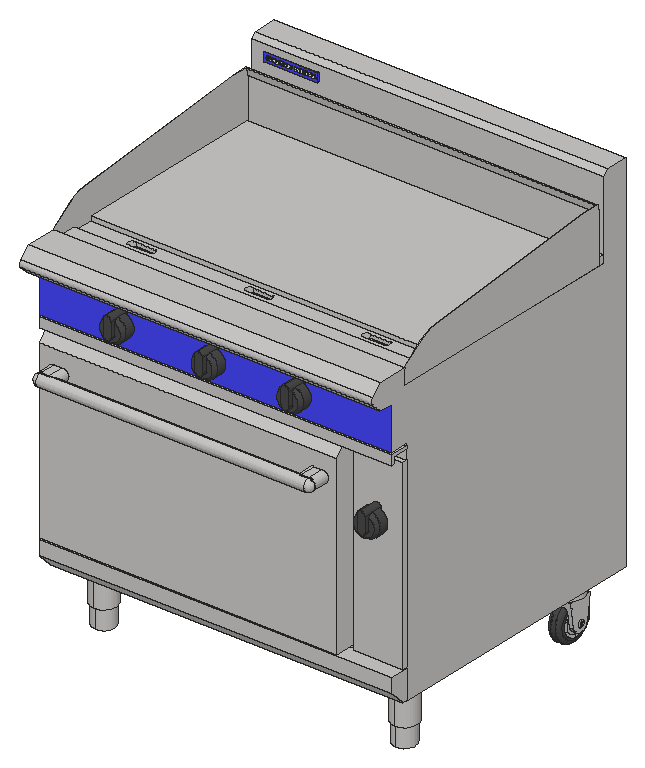
Revit family "QF_MOFFAT_BLUESEAL_AU_GE56A", category Specialty Equipment, Revit 2012
Parameters
  Width = 900 mm  # constant formula
  Weight in Pounds = 440
  Watts = 6600 W
  Volts = 400 V
  URL Cutsheet = "www.moffat.com"
  URL = "www.moffat.com"
  Type Mark [instance] = ""
  Status [instance] = ""
  Specification by User [instance] = ""
  Specification by Manufacturer = ""
  Show Logo [instance] = yes
  Show Clearance [instance] = yes
  Show Casters [instance] = yes
  Serial Number = ""
  Seismic Rating = ""
  SMACNA No = ""
  Revision Code [instance] = ""
  Phase = 3
  Omniclass Number and Title = ""
  Number of Poles [instance] = 1
  NAFEM Spec ID Number = ""
  Model = "GE56A"
  Min Ckt Ampacity = 0 A
  Mechanical Remarks = ""
  Mechanical Connection Type [instance] = ""
  Max Overcurrent Protection = 0 A
  Masterspec = ""
  Manufacturer = "MOFFAT BLUESEAL"
  Legs [instance] = not(Show Casters)  # no
  Item Number [instance] = ""
  Installed By [instance] = ""
  Identify Quantity as Lot [instance] = yes
  Height = 970 mm  # constant formula
  HP = ""
  Gas Size = 3/4"
  Gas RI Height [instance] = 0 mm
  Gas KW [instance] = 16.6
  Gas Input [instance] = 56869.0 Btu/h
  Gas Connection Height = 0 mm
  Furnished By [instance] = ""
  Foodservice Equipment Identifier [instance] = yes
  FL Amps = 9.4 A
  Electrical Remarks = "9.4A PER PHASE"
  Electric Connection Type = ""
  Elec Conn RI Height = 0 mm
  Elec Conn Connection Height = 0 mm
  Description = "900MM GAS RANGE WITH ELECTRIC CONVECTION OVEN"
  Depth = 812 mm  # constant formula
  Cycle = 50 Hz
  Conn Plug = ""
  Conn Conduit = yes
  CSI MasterFormat = ""
  CSI Master Format = ""
  Body Finish = QF_Finishes_Stainless Steel
  Apparent Power = 0 VA
Reference planes
  plane 1 "BACK": y = 0
  plane 2: z = 0
  plane 3 "LEFT": x = 0
  plane 4 "RIGHT": x = 900
  plane 5 "FRONT": y = -812
  plane 6 "TOP": z = 970
  plane 7 "Center Y": x = 450
  plane 8 "Center X": y = -406
  plane 9: x = 280
  plane 10: y = -574.272
  plane 11: x = 60
  plane 12: y = -304.972
  plane 13: y = -364.972
  plane 14: x = 74
  plane 15: y = -812
  plane 16: x = 834.5
  plane 17: y = -32
  plane 18: z = 655
  plane 19: y = -100
  plane 20: z = 1085
  plane 21: y = -705
Forms (mm)
  Extrusion 1, solid, material "QF_Finishes_Stainless Steel" <- "Body Finish"
    sketch origin (0, 0, 0) x (0, 1, 0) y (0, 0, 1)
      loop
        line (0, 150) -> (0, 1085) -> (-57.5, 1085) -> (-70, 1072.5) -> (-70, 875) -> (-705, 875) -> (-705, 915) -> (-783.97, 915) -> (-808.476, 890.494)
        arc (-808.476, 890.494) -> (-811.994, 882) -> (-808.476, 873.506) r 12.013
        line (-808.476, 873.506) -> (-784.97, 850) -> (-749, 850) -> (-749, 740) -> (-699, 740) -> (-699, 150) -> (0, 150)
    from 0 to 900
  Extrusion 2, solid, material "QF_Finishes_Stainless Steel"
    sketch origin (0, 7, 0) x (0, 1, 0) y (0, 0, 1)
      loop
        line (-706, 700) -> (-732, 700) -> (-756, 676) -> (-756, 227.5) -> (-706, 227.5) -> (-706, 700)
    from 0 to 760
  Extrusion 3, solid, material "QF_Finishes_Stainless Steel"
    sketch origin (723.5, 7, 0) x (0, 1, 0) y (0, 0, 1)
      loop
        line (-706, 700) -> (-721, 700) -> (-721, 227.5) -> (-706, 227.5) -> (-706, 700)
    from 51.5 to 176.5
  Revolve 4, solid, material "QF_Finishes_Stainless Steel" <- "Body Finish"
    sketch origin (834.5, -696.126, 0) x (0, 1, 0) y (0, 0, -1)
      loop
        line (39.376, -150) -> (71.126, -150) -> (71.126, 0) -> (43.626, 0) -> (43.626, -50) -> (39.376, -50) -> (39.376, -150)
      axis (71.126, -150) -> (71.126, 0)
    angle from 0 to 360
  Revolve 5, solid, material "QF_Finishes_Stainless Steel" <- "Body Finish"
    sketch origin (65.5, -696.126, 0) x (0, 1, 0) y (0, 0, 1)
      loop
        line (39.376, 150) -> (39.376, 50) -> (43.626, 50) -> (43.626, 0) -> (71.126, 0) -> (71.126, 150) -> (39.376, 150)
      axis (71.126, 150) -> (71.126, 0)
    angle from 0 to 360
  Extrusion 6, solid, material "QF_Finishes_Stainless Steel"
    sketch origin (-64.5, 0, 325) x (1, 0, 0) y (0, 1, 0)
      loop
        circle (834.5, -32) r 10
    from 330 to 371
  Revolve 7, solid, material "QF_Finishes_Black"
    sketch origin (669.351, 45.874, -0.118) x (0, 1, 0) y (0, 0, 1)
      loop
        line (-827.874, 829.5) -> (-838.874, 823.651) -> (-838.874, 797) -> (-794.874, 797) -> (-794.874, 802) -> (-804.874, 802) -> (-804.874, 829.5) -> (-827.874, 829.5)
      axis (-838.874, 797) -> (-794.874, 797)
    angle from 0 to 360
  Revolve 8, solid, material "QF_Finishes_Black"
    sketch origin (215.649, 45.874, -0.118) x (0, 1, 0) y (0, 0, -1)
      loop
        line (-827.874, -829.5) -> (-804.874, -829.5) -> (-804.874, -802) -> (-794.874, -802) -> (-794.874, -797) -> (-838.874, -797) -> (-838.874, -823.651) -> (-827.874, -829.5)
      axis (-838.874, -797) -> (-794.874, -797)
    angle from 0 to 360
  Revolve 9, solid, material "QF_Finishes_Black"
    sketch origin (450, 45.874, -0.118) x (0, 1, 0) y (0, 0, -1)
      loop
        line (-827.874, -829.5) -> (-804.874, -829.5) -> (-804.874, -802) -> (-794.874, -802) -> (-794.874, -797) -> (-838.874, -797) -> (-838.874, -823.651) -> (-827.874, -829.5)
      axis (-838.874, -797) -> (-794.874, -797)
    angle from 0 to 360
  Extrusion 10, solid, material "QF_Finishes_Black"
    sketch origin (363.456, 7, -0.118) x (-1, 0, 0) y (0, 0, -1)
      loop
        arc (158.3, -789) -> (148.3, -779) -> (138.3, -789) r 10
        line (138.3, -789) -> (138.3, -824)
        arc (138.3, -824) -> (148.3, -834) -> (158.3, -824) r 10
        line (158.3, -824) -> (158.3, -789)
    from 759 to 808
  Extrusion 11, solid, material "QF_Finishes_Black"
    sketch origin (521.544, 7, -0.118) x (1, 0, 0) y (0, 0, 1)
      loop
        line (158.3, 789) -> (158.3, 824)
        arc (158.3, 824) -> (148.3, 834) -> (138.3, 824) r 10
        line (138.3, 824) -> (138.3, 789)
        arc (138.3, 789) -> (148.3, 779) -> (158.3, 789) r 10
    from 759 to 808
  Extrusion 12, solid, material "QF_Finishes_Black"
    sketch origin (597.807, 7, -0.118) x (-1, 0, 0) y (0, 0, -1)
      loop
        arc (158.3, -789) -> (148.3, -779) -> (138.3, -789) r 10
        line (138.3, -789) -> (138.3, -824)
        arc (138.3, -824) -> (148.3, -834) -> (158.3, -824) r 10
        line (158.3, -824) -> (158.3, -789)
    from 759 to 808
  Revolve 13, solid, material "QF_Finishes_Black"
    sketch origin (836.851, 80.874, -243.743) x (0, 1, 0) y (0, 0, 1)
      loop
        line (-827.874, 829.5) -> (-838.874, 823.651) -> (-838.874, 797) -> (-794.874, 797) -> (-794.874, 802) -> (-804.874, 802) -> (-804.874, 829.5) -> (-827.874, 829.5)
      axis (-838.874, 797) -> (-794.874, 797)
    angle from 0 to 360
  Extrusion 14, solid, material "QF_Finishes_Black"
    sketch origin (689.044, 42, -243.743) x (1, 0, 0) y (0, 0, 1)
      loop
        line (158.3, 789) -> (158.3, 824)
        arc (158.3, 824) -> (148.3, 834) -> (138.3, 824) r 10
        line (138.3, 824) -> (138.3, 789)
        arc (138.3, 789) -> (148.3, 779) -> (158.3, 789) r 10
    from 759 to 808
  Extrusion 15, solid, material "QF_Door-Drawer Clearances", visible <- "Show Clearance", detail levels coarse
    sketch origin (0, 7, 0) x (0, -1, 0) y (0, 0, 1)
      loop
        line (756, 697.347) -> (756, 227.5) -> (1225.847, 227.5)
        arc (1225.847, 227.5) -> (1088.232, 559.732) -> (756, 697.347) r 469.847
    from 0 to -760
  Extrusion 16, void
    sketch origin (0, 0, 220) x (1, 0, 0) y (0, 1, 0)
      loop
        line (824, -87) -> (824, 0) -> (694, 0) -> (694, -39) -> (744, -87) -> (824, -87)
    from 0 to 476
  Extrusion 17, solid, material "QF_Finishes_Stainless Steel"
    sketch origin (0, -749, 227.5) x (0, 0, 1) y (-1, 0, 0)
      loop
        line (380.625, -38.246) -> (380.625, -58.528)
        arc (380.625, -58.528) -> (395.625, -73.528) -> (410.625, -58.528) r 15
        line (410.625, -58.528) -> (410.625, -38.246)
        arc (410.625, -38.246) -> (395.625, -23.246) -> (380.625, -38.246) r 15
      loop
        arc (380.625, -723.039) -> (395.625, -738.039) -> (410.625, -723.039) r 15
        line (410.625, -723.039) -> (410.625, -702.757)
        arc (410.625, -702.757) -> (395.625, -687.757) -> (380.625, -702.757) r 15
        line (380.625, -702.757) -> (380.625, -723.039)
    from 0 to 44
  Revolve 18, solid, material "QF_Finishes_Stainless Steel"
    sketch origin (0, -793, 0) x (1, 0, 0) y (0, 0, 1)
      loop
        arc (738.039, 623.125) -> (733.646, 633.732) -> (723.039, 638.125) r 15
        line (723.039, 638.125) -> (38.246, 638.125)
        arc (38.246, 638.125) -> (27.64, 633.732) -> (23.246, 623.125) r 15
        line (23.246, 623.125) -> (738.039, 623.125)
      axis (738.039, 623.125) -> (23.246, 623.125)
    angle from 0 to 360
  Extrusion 19, solid, material "QF_Finishes_Stainless Steel" <- "Body Finish"
    sketch origin (0, 7, 0) x (0, 1, 0) y (0, 0, 1)
      loop
        line (-756, 710) -> (-747.224, 710) -> (-749.613, 726.999) -> (-707.93, 726.999) -> (-707.93, 734.003) -> (-756, 734.003) -> (-756, 710)
    from 0 to 900
  Extrusion 20, solid, material "QF_Finishes_Stainless Steel" <- "Body Finish"
    sketch origin (0, 4.73, 0) x (0, 1, 0) y (0, 0, 1)
      loop
        line (-753.73, 222.5) -> (-753.73, 186) -> (-717.802, 150.071) -> (-703.73, 150.071) -> (-703.73, 222.5) -> (-753.73, 222.5)
    from 0 to 900
  Extrusion 21, solid, material "QF_Finishes_Stainless Steel", visible <- "Show Casters"
    sketch origin (71.501, 133.353, -8.783) x (0, 1, 0) y (0, 0, 1)
      loop
        line (-201.603, 118.783) -> (-265.103, 118.783) -> (-252.746, 53.895)
        arc (-252.746, 53.895) -> (-233.353, 38.783) -> (-213.959, 53.895) r 20
        line (-213.959, 53.895) -> (-201.603, 118.783)
    from -35.667 to 22.923
  Revolve 22, solid, material "QF_Finishes_Stainless Steel", visible <- "Show Casters"
    sketch origin (65, -203, 0) x (0, 1, 0) y (0, 0, 1)
      loop
        line (67.25, 150) -> (67.25, 110) -> (103, 110) -> (103, 150) -> (67.25, 150)
      axis (103, 150) -> (103, 110)
    angle from 0 to 360
  Revolve 23, solid, material "QF_Finishes_Stainless Steel", visible <- "Show Casters"
    sketch origin (834.5, -203, 0) x (0, 1, 0) y (0, 0, -1)
      loop
        line (67.25, -150) -> (103, -150) -> (103, -110) -> (67.25, -110) -> (67.25, -150)
      axis (103, -150) -> (103, -110)
    angle from 0 to 360
  Revolve 24, solid, material "QF_Finishes_Stainless Steel", visible <- "Show Casters"
    sketch origin (785.276, -99.755, -13.653) x (1, 0, 0) y (0, 0, 1)
      loop
        line (14.841, 64.453) -> (83.584, 64.453) -> (83.584, 67.958) -> (82.314, 69.228) -> (80.79, 69.228) -> (80.79, 72.674) -> (68.644, 72.674) -> (68.644, 82.639) -> (65.088, 84.692) -> (63.738, 93.028) -> (65.881, 93.028) -> (65.881, 99.378) -> (65.088, 99.378) -> (65.088, 105.728)
        arc (65.088, 105.728) -> (62.298, 112.463) -> (55.563, 115.253) r 9.525
        line (55.563, 115.253) -> (42.863, 115.253)
        arc (42.863, 115.253) -> (36.127, 112.463) -> (33.338, 105.728) r 9.525
        line (33.338, 105.728) -> (33.338, 99.378) -> (32.544, 99.378) -> (32.544, 93.028) -> (34.687, 93.028) -> (33.352, 84.781) -> (29.782, 82.719) -> (29.782, 72.674) -> (17.635, 72.674) -> (17.635, 69.228) -> (16.111, 69.228) -> (14.841, 67.958) -> (14.841, 64.453)
      axis (14.841, 64.453) -> (83.584, 64.453)
    angle from 0 to 360
  Extrusion 25, solid, material "QF_Finishes_Stainless Steel", visible <- "Show Casters"
    sketch origin (841.001, 133.353, -8.783) x (0, 1, 0) y (0, 0, 1)
      loop
        line (-201.603, 118.783) -> (-265.103, 118.783) -> (-252.746, 53.895)
        arc (-252.746, 53.895) -> (-233.353, 38.783) -> (-213.959, 53.895) r 20
        line (-213.959, 53.895) -> (-201.603, 118.783)
    from -35.667 to 22.923
  Revolve 26, solid, material "QF_Finishes_Stainless Steel", visible <- "Legs"
    sketch origin (65, -165, 0) x (0, 1, 0) y (0, 0, 1)
      loop
        line (33.25, 150) -> (33.25, 50) -> (37.5, 50) -> (37.5, 0) -> (65, 0) -> (65, 150) -> (33.25, 150)
      axis (65, 150) -> (65, 0)
    angle from 0 to 360
  Revolve 27, solid, material "QF_Finishes_Stainless Steel", visible <- "Legs"
    sketch origin (834.5, -165, 0) x (0, 1, 0) y (0, 0, -1)
      loop
        line (33.25, -150) -> (65, -150) -> (65, 0) -> (37.5, 0) -> (37.5, -50) -> (33.25, -50) -> (33.25, -150)
      axis (65, -150) -> (65, 0)
    angle from 0 to 360
  Revolve 28, solid, material "QF_Finishes_Stainless Steel", visible <- "Show Casters"
    sketch origin (114.224, -99.755, -13.653) x (-1, 0, 0) y (0, 0, -1)
      loop
        line (14.841, -64.453) -> (14.841, -67.958) -> (16.111, -69.228) -> (17.635, -69.228) -> (17.635, -72.674) -> (29.782, -72.674) -> (29.782, -82.719) -> (33.352, -84.781) -> (34.687, -93.028) -> (32.544, -93.028) -> (32.544, -99.378) -> (33.338, -99.378) -> (33.338, -105.728)
        arc (33.338, -105.728) -> (36.127, -112.463) -> (42.863, -115.253) r 9.525
        line (42.863, -115.253) -> (55.563, -115.253)
        arc (55.563, -115.253) -> (62.298, -112.463) -> (65.088, -105.728) r 9.525
        line (65.088, -105.728) -> (65.088, -99.378) -> (65.881, -99.378) -> (65.881, -93.028) -> (63.738, -93.028) -> (65.088, -84.692) -> (68.644, -82.639) -> (68.644, -72.674) -> (80.79, -72.674) -> (80.79, -69.228) -> (82.314, -69.228) -> (83.584, -67.958) -> (83.584, -64.453) -> (14.841, -64.453)
      axis (14.841, -64.453) -> (83.584, -64.453)
    angle from 0 to 360
  Extrusion 29, solid, material "QF_Finishes_Stainless Steel"
    sketch origin (0, 0, 0) x (1, 0, 0) y (0, 1, 0)
      loop
        circle (826, -501) r 6.35
    from 150 to 147.817
Cuts and joins
  Extrusion 16 cuts Extrusion 1
Lines and regions (mm)
  Split face 1
    outline origin (900, 0, 1085) x (-1, 0, 0) y (0, -1, 0)
      loop
        arc (867.206, 18.385) -> (875.866, 23.385) -> (875.866, 33.385) r 10
        line (875.866, 33.385) -> (871.824, 40.385)
        arc (871.824, 40.385) -> (868.164, 44.045) -> (863.164, 45.385) r 10
        line (863.164, 45.385) -> (635.206, 45.385)
        arc (635.206, 45.385) -> (626.545, 40.385) -> (626.545, 30.385) r 10
        line (626.545, 30.385) -> (630.587, 23.385)
        arc (630.587, 23.385) -> (634.247, 19.725) -> (639.247, 18.385) r 10
        line (639.247, 18.385) -> (867.206, 18.385)
  Split face 2
    outline origin (900, 0, 1085) x (-1, 0, 0) y (0, -1, 0)
      loop
        arc (567.206, 18.385) -> (575.866, 23.385) -> (575.866, 33.385) r 10
        line (575.866, 33.385) -> (571.824, 40.385)
        arc (571.824, 40.385) -> (568.164, 44.045) -> (563.164, 45.385) r 10
        line (563.164, 45.385) -> (335.206, 45.385)
        arc (335.206, 45.385) -> (326.545, 40.385) -> (326.545, 30.385) r 10
        line (326.545, 30.385) -> (330.587, 23.385)
        arc (330.587, 23.385) -> (334.247, 19.725) -> (339.247, 18.385) r 10
        line (339.247, 18.385) -> (567.206, 18.385)
  Split face 3
    outline origin (900, 0, 1085) x (-1, 0, 0) y (0, -1, 0)
      loop
        arc (35.206, 45.385) -> (26.545, 40.385) -> (26.545, 30.385) r 10
        line (26.545, 30.385) -> (30.587, 23.385)
        arc (30.587, 23.385) -> (34.247, 19.725) -> (39.247, 18.385) r 10
        line (39.247, 18.385) -> (267.206, 18.385)
        arc (267.206, 18.385) -> (275.866, 23.385) -> (275.866, 33.385) r 10
        line (275.866, 33.385) -> (271.824, 40.385)
        arc (271.824, 40.385) -> (268.164, 44.045) -> (263.164, 45.385) r 10
        line (263.164, 45.385) -> (35.206, 45.385)
  symbolic lines
    curve 1: line (0, 0, 0) -> (0, -812, 0)
    curve 2: line (900, 0, 0) -> (0, 0, 0)
    curve 3: line (900, -812, 0) -> (900, 0, 0)
    curve 4: line (0, -70, 0) -> (900, -70, 0)
    curve 5: line (900, -812, 0) -> (0, -812, 0)
    curve 6: line (900, -705, 0) -> (0, -705, 0)
    curve 7: line (0, -701.7, 0) -> (900, -701.7, 0)
    curve 8: line (900, -72.734, 0) -> (0, -72.734, 0)
    curve 9: arc (22.65, -812, 0) -> (34.104, -822.278, 0) -> (48.889, -826.544, 0) r 34.455
    curve 10: line (48.889, -826.544, 0) -> (721.858, -826.544, 0)
    curve 11: arc (721.858, -826.544, 0) -> (736.403, -822.647, 0) -> (747.05, -812, 0) r 29.089
    curve 15: line (32.794, -18.385, 0) -> (260.753, -18.385, 0)
    curve 16: arc (260.753, -18.385, 0) -> (265.753, -19.725, 0) -> (269.413, -23.385, 0) r 10
    curve 17: line (269.413, -23.385, 0) -> (273.455, -30.385, 0)
    curve 18: arc (273.455, -30.385, 0) -> (273.455, -40.385, 0) -> (264.794, -45.385, 0) r 10
    curve 19: line (264.794, -45.385, 0) -> (36.836, -45.385, 0)
    curve 20: arc (36.836, -45.385, 0) -> (31.836, -44.045, 0) -> (28.176, -40.385, 0) r 10
    curve 21: line (28.176, -40.385, 0) -> (24.134, -33.385, 0)
    curve 22: arc (24.134, -33.385, 0) -> (24.134, -23.385, 0) -> (32.794, -18.385, 0) r 10
    curve 23: line (560.753, -18.385, 0) -> (332.794, -18.385, 0)
    curve 24: arc (332.794, -18.385, 0) -> (324.134, -23.385, 0) -> (324.134, -33.385, 0) r 10
    curve 25: line (324.134, -33.385, 0) -> (328.176, -40.385, 0)
    curve 26: arc (328.176, -40.385, 0) -> (331.836, -44.045, 0) -> (336.836, -45.385, 0) r 10
    curve 27: line (336.836, -45.385, 0) -> (564.794, -45.385, 0)
    curve 28: arc (564.794, -45.385, 0) -> (573.455, -40.385, 0) -> (573.455, -30.385, 0) r 10
    curve 29: line (573.455, -30.385, 0) -> (569.413, -23.385, 0)
    curve 30: arc (569.413, -23.385, 0) -> (565.753, -19.725, 0) -> (560.753, -18.385, 0) r 10
    curve 31: line (632.794, -18.385, 0) -> (860.753, -18.385, 0)
    curve 32: arc (860.753, -18.385, 0) -> (865.753, -19.725, 0) -> (869.413, -23.385, 0) r 10
    curve 33: line (869.413, -23.385, 0) -> (873.455, -30.385, 0)
    curve 34: arc (873.455, -30.385, 0) -> (873.455, -40.385, 0) -> (864.794, -45.385, 0) r 10
    curve 35: line (864.794, -45.385, 0) -> (636.836, -45.385, 0)
    curve 36: arc (636.836, -45.385, 0) -> (631.836, -44.045, 0) -> (628.176, -40.385, 0) r 10
    curve 37: line (628.176, -40.385, 0) -> (624.134, -33.385, 0)
    curve 38: arc (624.134, -33.385, 0) -> (624.134, -23.385, 0) -> (632.794, -18.385, 0) r 10
    curve 39: line (0, -783.97, 0) -> (900, -783.97, 0)
    curve 40: line (0, -57.5, 0) -> (900, -57.5, 0)
  symbolic lines, style "QF_Door-Drawer Clearances", visible <- "Show Clearance"
    curve 12: line (0, -1218.847, 0) -> (0, -812, 0)
    curve 13: line (0, -1218.847, 0) -> (760, -1218.847, 0)
    curve 14: line (760, -1218.847, 0) -> (760, -812, 0)
Dimensions and locks
  equal spacing: plane 3 "LEFT", plane 7 "Center Y", plane 4 "RIGHT"
  "Width": plane 3 "LEFT" to plane 4 "RIGHT"
  equal spacing: plane 5 "FRONT", plane 8 "Center X", plane 1 "BACK"
  plane 5 "FRONT" to plane 1 "BACK" = 812 mm  (x2)
  equal spacing: plane 4 "RIGHT", plane 7 "Center Y", plane 3 "LEFT"
  plane 4 "RIGHT" to plane 3 "LEFT" = 900 mm
  "Height": plane 6 "TOP" to level
  plane 10 to plane 1 "BACK" = 574.272 mm
  plane 12 to plane 1 "BACK" = 304.972 mm  (x2)
  plane 11 to plane 3 "LEFT" = 60 mm
  plane 14 to plane 3 "LEFT" = 74 mm
  plane 9 to plane 3 "LEFT" = 280 mm
  "Depth": plane 1 "BACK" to plane 15
  plane 15 to plane 5 "FRONT" = 0 mm
  plane 6 "TOP" to plane 2 = 970 mm
  plane 2 to Extrusion 1 sketch curve = 875 mm
  locked: plane 2 to Extrusion 1 sketch curve at 915
  Revolve 24 sketch curve to Revolve 24 sketch curve = 50.8 mm
  Revolve 28 sketch curve to Revolve 28 sketch curve = 50.8 mm
  plane 20 to level = 1085 mm
  Extrusion 29 sketch curve to plane 1 "BACK" = 501 mm
  Extrusion 29 sketch curve to plane 4 "RIGHT" = 74 mm
  aligned and locked: level to plane 2
  aligned and locked: curve 3 to plane 4 "RIGHT"
Automatic sketch dimensions
  Extrusion 1 sketch curve to plane 21 = 0 mm
  Extrusion 1 sketch curve to plane 20 = 0 mm
  Extrusion 1 sketch curve to plane 1 "BACK" = 0 mm
  plane 21 to Extrusion 1 sketch curve = 44 mm
  Extrusion 1 sketch curve to plane 5 "FRONT" = 28.03 mm
  Extrusion 1 sketch curve to plane 5 "FRONT" = 27.03 mm
  Extrusion 1 sketch curve to plane 5 "FRONT" = 12.018 mm
  Extrusion 1 sketch curve to plane 5 "FRONT" = 3.524 mm  (x2)
  Extrusion 1 sketch curve to plane 21 = 6 mm
  Extrusion 1 sketch curve to plane 20 = 12.5 mm
  plane 19 to Extrusion 1 sketch curve = 30 mm
  Extrusion 1 sketch curve to Extrusion 1 sketch curve = 12.5 mm
  Extrusion 1 sketch curve to Extrusion 1 sketch curve = 41.494 mm
  Extrusion 1 sketch curve to Extrusion 1 sketch curve = 25 mm
  plane 18 to Extrusion 1 sketch curve = 85 mm
  level to Extrusion 1 sketch curve = 150 mm
  Extrusion 1 sketch curve to Extrusion 1 sketch curve = 8.494 mm
  plane 21 to Extrusion 2 sketch curve = 20 mm
  Extrusion 2 sketch curve to plane 21 = 6 mm
  level to Extrusion 2 sketch curve = 227.5 mm
  plane 21 to Extrusion 3 sketch curve = 9 mm
  Extrusion 3 sketch curve to plane 21 = 6 mm
  level to Extrusion 3 sketch curve = 227.5 mm
  plane 18 to Extrusion 3 sketch curve = 45 mm
  Revolve 4 sketch curve to level = 0 mm
  Revolve 4 sketch curve to plane 21 = 48.25 mm
  Revolve 4 sketch curve to Revolve 4 sketch curve = 4.25 mm
  Revolve 4 sketch curve to Revolve 4 sketch curve = 27.5 mm  (x2)
  level to Revolve 4 sketch curve = 50 mm
  Revolve 4 sketch curve to Revolve 4 sketch curve = 0 mm
  Revolve 4 sketch curve to Revolve 4 sketch curve = 100 mm
  Revolve 4 sketch curve to Revolve 4 sketch curve = 55 mm
  Revolve 5 sketch curve to level = 0 mm
  Revolve 5 sketch curve to plane 21 = 48.25 mm
  Revolve 5 sketch curve to Revolve 5 sketch curve = 4.25 mm
  Revolve 5 sketch curve to Revolve 5 sketch curve = 27.5 mm  (x2)
  Revolve 5 sketch curve to level = 55 mm
  Revolve 5 sketch curve to Revolve 5 sketch curve = 50 mm
  Revolve 5 sketch curve to Revolve 5 sketch curve = 0 mm
  Revolve 5 sketch curve to Revolve 5 sketch curve = 100 mm
  Extrusion 6 sketch curve to plane 17 = 0 mm
  Extrusion 6 sketch curve to plane 16 = 64.5 mm
  Revolve 7 sketch curve to plane 5 "FRONT" = 19 mm
  Revolve 7 sketch curve to Revolve 7 sketch curve = 0 mm  (x2)
  Revolve 7 sketch curve to Revolve 7 sketch curve = 11 mm
  Revolve 7 sketch curve to Revolve 7 sketch curve = 12.7 mm
  Revolve 7 sketch curve to Revolve 7 sketch curve = 23 mm
  Revolve 7 sketch curve to Revolve 7 sketch curve = 10 mm
  plane 18 to Revolve 7 sketch curve = 141.882 mm
  Revolve 7 sketch curve to Revolve 7 sketch curve = 5 mm
  Revolve 7 sketch curve to Revolve 7 sketch curve = 26.651 mm
  Revolve 7 sketch curve to Revolve 7 sketch curve = 5.849 mm
  Revolve 8 sketch curve to plane 5 "FRONT" = 19 mm
  Revolve 8 sketch curve to Revolve 8 sketch curve = 0 mm  (x2)
  Revolve 8 sketch curve to Revolve 8 sketch curve = 11 mm
  Revolve 8 sketch curve to Revolve 8 sketch curve = 12.7 mm
  Revolve 8 sketch curve to Revolve 8 sketch curve = 23 mm
  Revolve 8 sketch curve to Revolve 8 sketch curve = 10 mm
  Revolve 8 sketch curve to plane 6 "TOP" = 140.618 mm
  Revolve 8 sketch curve to Revolve 8 sketch curve = 5.849 mm
  Revolve 8 sketch curve to Revolve 8 sketch curve = 27.5 mm
  Revolve 8 sketch curve to Revolve 8 sketch curve = 5 mm
  Revolve 9 sketch curve to plane 5 "FRONT" = 19 mm
  Revolve 9 sketch curve to Revolve 9 sketch curve = 0 mm  (x2)
  Revolve 9 sketch curve to Revolve 9 sketch curve = 11 mm
  Revolve 9 sketch curve to Revolve 9 sketch curve = 12.7 mm
  Revolve 9 sketch curve to Revolve 9 sketch curve = 23 mm
  Revolve 9 sketch curve to Revolve 9 sketch curve = 10 mm
  Revolve 9 sketch curve to plane 6 "TOP" = 140.618 mm
  Revolve 9 sketch curve to Revolve 9 sketch curve = 5.849 mm
  Revolve 9 sketch curve to Revolve 9 sketch curve = 27.5 mm
  Revolve 9 sketch curve to Revolve 9 sketch curve = 5 mm
  plane 14 to Extrusion 10 sketch curve = 151.156 mm
  Extrusion 10 sketch curve to Extrusion 10 sketch curve = 10 mm
  Extrusion 10 sketch curve to plane 6 "TOP" = 146.118 mm
  Extrusion 10 sketch curve to Extrusion 10 sketch curve = 35 mm
  Extrusion 11 sketch curve to plane 16 = 174.656 mm
  Extrusion 11 sketch curve to Extrusion 11 sketch curve = 10 mm
  plane 18 to Extrusion 11 sketch curve = 133.882 mm
  Extrusion 11 sketch curve to Extrusion 11 sketch curve = 35 mm
  plane 7 "Center Y" to Extrusion 12 sketch curve = 9.507 mm
  Extrusion 12 sketch curve to Extrusion 12 sketch curve = 10 mm
  Extrusion 12 sketch curve to plane 6 "TOP" = 146.118 mm
  Extrusion 12 sketch curve to Extrusion 12 sketch curve = 35 mm
  Revolve 13 sketch curve to plane 5 "FRONT" = 54 mm
  Revolve 13 sketch curve to Revolve 13 sketch curve = 0 mm  (x2)
  Revolve 13 sketch curve to Revolve 13 sketch curve = 11 mm
  Revolve 13 sketch curve to Revolve 13 sketch curve = 12.7 mm
  plane 21 to Revolve 13 sketch curve = 19 mm
  plane 21 to Revolve 13 sketch curve = 9 mm
  Revolve 13 sketch curve to plane 18 = 101.743 mm
  Revolve 13 sketch curve to Revolve 13 sketch curve = 5 mm
  Revolve 13 sketch curve to Revolve 13 sketch curve = 26.651 mm
  Revolve 13 sketch curve to Revolve 13 sketch curve = 5.849 mm
  Extrusion 14 sketch curve to plane 16 = 7.156 mm
  plane 16 to Extrusion 14 sketch curve = 2.844 mm
  Extrusion 14 sketch curve to plane 18 = 109.743 mm
  Extrusion 14 sketch curve to Extrusion 14 sketch curve = 35 mm
  plane 21 to Extrusion 15 sketch curve = 44 mm
  level to Extrusion 15 sketch curve = 227.5 mm
  plane 5 "FRONT" to Extrusion 15 sketch curve = 406.847 mm
  plane 1 "BACK" to Extrusion 16 sketch curve = 0 mm
  Extrusion 16 sketch curve to plane 17 = 7 mm
  Extrusion 16 sketch curve to plane 16 = 140.5 mm
  plane 19 to Extrusion 16 sketch curve = 13 mm
  Extrusion 16 sketch curve to Extrusion 16 sketch curve = 50 mm
  Extrusion 16 sketch curve to plane 16 = 10.5 mm
  Extrusion 17 sketch curve to plane 11 = 1.472 mm
  Extrusion 17 sketch curve to plane 18 = 46.875 mm  (x2)
  Extrusion 17 sketch curve to Extrusion 17 sketch curve = 15 mm  (x2)
  Extrusion 17 sketch curve to plane 16 = 131.743 mm
  Extrusion 17 sketch curve to Extrusion 17 sketch curve = 20.282 mm  (x2)
  Revolve 18 sketch curve to plane 3 "LEFT" = 6.961 mm
  plane 3 "LEFT" to Revolve 18 sketch curve = 23.246 mm
  Revolve 18 sketch curve to plane 18 = 16.875 mm
  Revolve 18 sketch curve to Revolve 18 sketch curve = 15 mm
  Revolve 18 sketch curve to plane 18 = 31.875 mm
  plane 7 "Center Y" to Revolve 18 sketch curve = 138.039 mm
  Revolve 18 sketch curve to plane 16 = 111.461 mm
  plane 21 to Extrusion 19 sketch curve = 44 mm
  Extrusion 19 sketch curve to Extrusion 19 sketch curve = 6.387 mm
  Extrusion 19 sketch curve to Extrusion 19 sketch curve = 8.776 mm
  Extrusion 19 sketch curve to plane 21 = 4.07 mm
  plane 18 to Extrusion 19 sketch curve = 55 mm
  Extrusion 19 sketch curve to Extrusion 19 sketch curve = 16.999 mm
  Extrusion 19 sketch curve to Extrusion 19 sketch curve = 7.004 mm
  Extrusion 21 sketch curve to plane 19 = 0 mm
  Extrusion 21 sketch curve to plane 19 = 19.393 mm
  Extrusion 21 sketch curve to plane 19 = 31.75 mm
  plane 19 to Extrusion 21 sketch curve = 19.393 mm
  plane 19 to Extrusion 21 sketch curve = 31.75 mm
  level to Extrusion 21 sketch curve = 45.111 mm
  Extrusion 21 sketch curve to Extrusion 21 sketch curve = 4.889 mm
  Extrusion 21 sketch curve to Extrusion 21 sketch curve = 64.889 mm
  Revolve 22 sketch curve to plane 19 = 0 mm  (x2)
  Revolve 22 sketch curve to plane 19 = 35.75 mm
  Revolve 22 sketch curve to level = 55 mm
  level to Revolve 22 sketch curve = 50 mm
  Revolve 22 sketch curve to Revolve 22 sketch curve = 60 mm
  Revolve 22 sketch curve to Revolve 22 sketch curve = 40 mm
  Revolve 23 sketch curve to plane 19 = 0 mm  (x2)
  Revolve 23 sketch curve to plane 19 = 35.75 mm
  level to Revolve 23 sketch curve = 150 mm
  Revolve 23 sketch curve to Revolve 23 sketch curve = 40 mm
  level to Revolve 23 sketch curve = 50 mm
  Revolve 23 sketch curve to level = 55 mm
  Revolve 24 sketch curve to plane 16 = 34.382 mm
  Revolve 24 sketch curve to Revolve 24 sketch curve = 1.27 mm  (x4)
  Revolve 24 sketch curve to Revolve 24 sketch curve = 1.524 mm  (x2)
  Revolve 24 sketch curve to Revolve 24 sketch curve = 12.146 mm  (x2)
  Revolve 24 sketch curve to plane 16 = 16.68 mm
  Revolve 24 sketch curve to Revolve 24 sketch curve = 0.794 mm  (x2)
  Revolve 24 sketch curve to Revolve 24 sketch curve = 3.57 mm
  Revolve 24 sketch curve to Revolve 24 sketch curve = 2.143 mm
  Revolve 24 sketch curve to plane 16 = 6.361 mm
  plane 16 to Revolve 24 sketch curve = 5.13 mm
  plane 16 to Revolve 24 sketch curve = 6.339 mm
  plane 16 to Revolve 24 sketch curve = 14.515 mm
  Revolve 24 sketch curve to Revolve 24 sketch curve = 1.349 mm  (x2)
  Revolve 24 sketch curve to Revolve 24 sketch curve = 3.556 mm
  Revolve 24 sketch curve to plane 4 "RIGHT" = 2.18 mm
  level to Revolve 24 sketch curve = 50.8 mm
  Revolve 24 sketch curve to Revolve 24 sketch curve = 0 mm
  Revolve 24 sketch curve to Revolve 24 sketch curve = 3.505 mm  (x2)
  Revolve 24 sketch curve to Revolve 24 sketch curve = 3.447 mm  (x2)
  Revolve 24 sketch curve to Revolve 24 sketch curve = 9.964 mm
  Revolve 24 sketch curve to Revolve 24 sketch curve = 10.045 mm
  Revolve 24 sketch curve to Revolve 24 sketch curve = 2.053 mm
  Revolve 24 sketch curve to Revolve 24 sketch curve = 2.061 mm
  Revolve 24 sketch curve to Revolve 24 sketch curve = 8.247 mm
  Revolve 24 sketch curve to Revolve 24 sketch curve = 8.336 mm
  Revolve 24 sketch curve to Revolve 24 sketch curve = 6.35 mm  (x2)
  Extrusion 25 sketch curve to plane 19 = 0 mm
  Extrusion 25 sketch curve to plane 19 = 19.393 mm
  Extrusion 25 sketch curve to plane 19 = 31.75 mm
  plane 19 to Extrusion 25 sketch curve = 19.393 mm
  plane 19 to Extrusion 25 sketch curve = 31.75 mm
  level to Extrusion 25 sketch curve = 45.111 mm
  Extrusion 25 sketch curve to Extrusion 25 sketch curve = 4.889 mm
  Extrusion 25 sketch curve to Extrusion 25 sketch curve = 64.889 mm
  Revolve 26 sketch curve to level = 0 mm
  Revolve 26 sketch curve to plane 19 = 0 mm  (x2)
  Revolve 26 sketch curve to Revolve 26 sketch curve = 27.5 mm
  Revolve 26 sketch curve to Revolve 26 sketch curve = 31.75 mm
  Revolve 26 sketch curve to level = 55 mm
  Revolve 26 sketch curve to Revolve 26 sketch curve = 50 mm
  Revolve 26 sketch curve to Revolve 26 sketch curve = 0 mm
  Revolve 26 sketch curve to Revolve 26 sketch curve = 100 mm
  Revolve 27 sketch curve to level = 0 mm
  Revolve 27 sketch curve to plane 19 = 0 mm  (x2)
  Revolve 27 sketch curve to Revolve 27 sketch curve = 27.5 mm
  Revolve 27 sketch curve to Revolve 27 sketch curve = 31.75 mm
  level to Revolve 27 sketch curve = 50 mm
  Revolve 27 sketch curve to Revolve 27 sketch curve = 0 mm
  Revolve 27 sketch curve to Revolve 27 sketch curve = 100 mm
  Revolve 27 sketch curve to Revolve 27 sketch curve = 55 mm
  plane 14 to Revolve 28 sketch curve = 25.382 mm
  Revolve 28 sketch curve to Revolve 28 sketch curve = 1.27 mm  (x4)
  Revolve 28 sketch curve to Revolve 28 sketch curve = 1.524 mm  (x2)
  plane 14 to Revolve 28 sketch curve = 10.442 mm
  plane 14 to Revolve 28 sketch curve = 7.68 mm
  Revolve 28 sketch curve to Revolve 28 sketch curve = 0.794 mm  (x2)
  Revolve 28 sketch curve to Revolve 28 sketch curve = 3.57 mm
  Revolve 28 sketch curve to Revolve 28 sketch curve = 2.143 mm
  Revolve 28 sketch curve to plane 14 = 2.639 mm
  Revolve 28 sketch curve to plane 11 = 0.13 mm
  Revolve 28 sketch curve to plane 11 = 1.339 mm
  Revolve 28 sketch curve to plane 11 = 9.515 mm
  Revolve 28 sketch curve to Revolve 28 sketch curve = 1.349 mm  (x2)
  Revolve 28 sketch curve to Revolve 28 sketch curve = 3.556 mm
  Revolve 28 sketch curve to Revolve 28 sketch curve = 12.146 mm
  Revolve 28 sketch curve to plane 3 "LEFT" = 2.68 mm
  level to Revolve 28 sketch curve = 101.6 mm
  Revolve 28 sketch curve to Revolve 28 sketch curve = 6.35 mm  (x4)
  Revolve 28 sketch curve to Revolve 28 sketch curve = 8.247 mm
  Revolve 28 sketch curve to Revolve 28 sketch curve = 8.336 mm
  Revolve 28 sketch curve to Revolve 28 sketch curve = 2.061 mm
  Revolve 28 sketch curve to Revolve 28 sketch curve = 2.053 mm
  Revolve 28 sketch curve to Revolve 28 sketch curve = 10.045 mm
  Revolve 28 sketch curve to Revolve 28 sketch curve = 9.964 mm
  Revolve 28 sketch curve to Revolve 28 sketch curve = 3.447 mm  (x2)
  Revolve 28 sketch curve to Revolve 28 sketch curve = 3.505 mm
  plane 1 "BACK" to curve 1 = 0 mm
  curve 1 to plane 3 "LEFT" = 0 mm
  plane 5 "FRONT" to curve 9 = 0 mm
  plane 21 to curve 6 = 0 mm
  plane 3 "LEFT" to curve 9 = 22.65 mm
  curve 10 to plane 11 = 11.111 mm
  curve 9 to plane 11 = 9.192 mm
  plane 5 "FRONT" to curve 10 = 14.544 mm
  curve 10 to plane 16 = 112.642 mm
  curve 11 to curve 11 = 25.191 mm
  curve 13 to plane 16 = 74.5 mm
  curve 12 to curve 10 = 392.303 mm
  curve 8 to curve 4 = 2.734 mm
  Split face 1 sketch curve to cut or joined group of Extrusion 1, Extrusion 16 = 27.115 mm
  Split face 1 sketch curve to cut or joined group of Extrusion 1, Extrusion 16 = 626.545 mm
  Split face 1 sketch curve to Split face 1 sketch curve = 4.041 mm  (x4)
  Split face 1 sketch curve to Split face 1 sketch curve = 8.66 mm  (x2)
  Split face 1 sketch curve to cut or joined group of Extrusion 1, Extrusion 16 = 12.115 mm
  Split face 1 sketch curve to Split face 1 sketch curve = 223.917 mm
  Split face 1 sketch curve to Split face 1 sketch curve = 7 mm  (x3)
  Split face 1 sketch curve to Split face 1 sketch curve = 17 mm
  Split face 2 sketch curve to cut or joined group of Extrusion 1, Extrusion 16 = 27.115 mm
  Split face 2 sketch curve to cut or joined group of Extrusion 1, Extrusion 16 = 326.545 mm
  Split face 2 sketch curve to cut or joined group of Extrusion 1, Extrusion 16 = 23.385 mm
  Split face 2 sketch curve to Split face 2 sketch curve = 4.041 mm  (x3)
  Split face 2 sketch curve to Split face 2 sketch curve = 8.66 mm  (x3)
  Split face 2 sketch curve to cut or joined group of Extrusion 1, Extrusion 16 = 12.115 mm
  Split face 2 sketch curve to Split face 2 sketch curve = 223.917 mm
  Split face 2 sketch curve to cut or joined group of Extrusion 1, Extrusion 16 = 18.385 mm
  Split face 2 sketch curve to Split face 2 sketch curve = 10 mm
  Split face 2 sketch curve to Split face 2 sketch curve = 7 mm
  Split face 3 sketch curve to cut or joined group of Extrusion 1, Extrusion 16 = 27.115 mm
  Split face 3 sketch curve to cut or joined group of Extrusion 1, Extrusion 16 = 26.545 mm
  Split face 3 sketch curve to cut or joined group of Extrusion 1, Extrusion 16 = 23.385 mm
  Split face 3 sketch curve to Split face 3 sketch curve = 4.041 mm  (x4)
  Split face 3 sketch curve to Split face 3 sketch curve = 8.66 mm  (x2)
  Split face 3 sketch curve to cut or joined group of Extrusion 1, Extrusion 16 = 22.115 mm
  Split face 3 sketch curve to Split face 3 sketch curve = 223.917 mm
  Split face 3 sketch curve to cut or joined group of Extrusion 1, Extrusion 16 = 17.115 mm
  Split face 3 sketch curve to Split face 3 sketch curve = 17 mm
  Split face 3 sketch curve to Split face 3 sketch curve = 7 mm
  curve 21 to plane 17 = 1.385 mm
  plane 3 "LEFT" to curve 21 = 24.134 mm
  curve 21 to plane 17 = 8.385 mm
  curve 21 to curve 21 = 4.041 mm
  plane 17 to curve 22 = 3.615 mm
  curve 22 to curve 22 = 8.66 mm
  curve 20 to curve 20 = 8.66 mm
  plane 17 to curve 16 = 3.615 mm
  curve 16 to plane 9 = 19.247 mm
  curve 18 to plane 17 = 3.385 mm
  curve 16 to curve 18 = 4.041 mm
  plane 17 to curve 17 = 8.615 mm
  plane 17 to curve 18 = 1.615 mm
  curve 18 to plane 9 = 6.545 mm
  curve 24 to plane 17 = 1.385 mm
  plane 9 to curve 24 = 44.134 mm
  curve 25 to curve 26 = 4.041 mm
  curve 24 to curve 23 = 8.66 mm
  curve 26 to plane 17 = 3.385 mm
  curve 24 to curve 26 = 4.041 mm
  plane 17 to curve 30 = 13.615 mm
  curve 28 to plane 17 = 3.385 mm
  curve 30 to curve 28 = 4.041 mm
  plane 17 to curve 29 = 8.615 mm
  curve 23 to curve 29 = 8.66 mm
  plane 17 to curve 28 = 1.615 mm
  curve 29 to curve 28 = 4.041 mm
  curve 37 to plane 17 = 1.385 mm
  curve 37 to plane 17 = 8.385 mm
  curve 37 to curve 37 = 4.041 mm
  plane 17 to curve 31 = 13.615 mm
  curve 38 to curve 31 = 8.66 mm
  curve 37 to curve 35 = 8.66 mm
  plane 16 to curve 31 = 26.253 mm
  curve 32 to curve 35 = 4.041 mm
  plane 17 to curve 33 = 8.615 mm
  curve 31 to curve 33 = 8.66 mm
  plane 17 to curve 33 = 1.615 mm
  curve 32 to curve 33 = 4.041 mm
  curve 36 to curve 37 = 5 mm
  curve 29 to curve 37 = 50.679 mm
  plane 7 "Center Y" to curve 23 = 110.753 mm
  curve 6 to curve 7 = 3.3 mm
  plane 19 to curve 8 = 27.266 mm
  curve 39 to plane 5 "FRONT" = 28.03 mm
  curve 4 to curve 40 = 12.5 mm
  plane 21 to Extrusion 20 sketch curve = 44 mm
  plane 21 to Extrusion 20 sketch curve = 8.071 mm
  Extrusion 20 sketch curve to plane 21 = 6 mm
  level to Extrusion 20 sketch curve = 150.071 mm
  Extrusion 20 sketch curve to Extrusion 20 sketch curve = 35.929 mm
  Extrusion 20 sketch curve to Extrusion 20 sketch curve = 36.5 mm
  plane 21 to Extrusion 2 sketch curve = 44 mm
  plane 18 to Extrusion 2 sketch curve = 21 mm
  Extrusion 2 sketch curve to Extrusion 2 sketch curve = 24 mm
  radius of Extrusion 6 sketch curve = 10 mm
  radius of Extrusion 29 sketch curve = 6.35 mm
Nested families
  nested 1: "WALDORF LOGO_FACE BASE" at (32, -70, 1056.385) x (1, 0, 0) z (0, -1, 0), visible <- "Show Logo", type "WALDORF LOGO_FACE BASE", detail levels medium+fine
    with Show Logo yes
  nested 2: "GAS GRIDDLE PLATE 900" at (0, -85, 874.5), type "GAS GRIDDLE PLATE 900"
    with Width 900 mm, Type Mark "", Status "", Specification by User "", Revision Code "", Item Number "", Installed By "", Identify Quantity as Lot yes, Furnished By "", Foodservice Equipment Identifier yes, Depth 620 mm
Connectors
  piping at (770, -32, 655)
    settings: on Extrusion 6, index 4, connector radius 0.37402", flow factor 0, pipe flow 0 GPM, pressure drop 0.00 psi, fitting loss kfactor 0, connector angle 0.00°, fixture units 0, engagement length 0 mm, flow configuration 1, flow direction 1, fitting loss method 0, system type 7, joint type 0, gender type 0, connector reference index -1, connector utility 0, adjustable connector no, is connector primary yes, fitting loss table "", connector description "GAS CONNECTION"
  electrical at (826, -501, 147.817), driven by "Volts", driven by "Watts"
    settings: on Extrusion 29, index 5, voltage 400 V, apparent load 6600 VA, apparent load phase1 0 VA, apparent load phase2 0 VA, apparent load phase3 0 VA, power factor 1, load classification "Other", number of poles 1, system type 30, power factor state 1, is connector primary yes, connector utility no, sub classification motor no, connector description "ELECTRICAL CONNECTION"
Definition of nested family "WALDORF LOGO_FACE BASE"
  Parameters (values of type "WALDORF LOGO_FACE BASE")
    Show Logo [instance] = yes
    Default Elevation = 1219.2 mm
  Reference planes
    plane 1 "Center (Front/Back)": y = 0
    plane 2: z = 0
    plane 3 "Center (Left/Right)": x = 0
  Forms (mm)
    Extrusion 1, solid
      sketch origin (0, 0, 0) x (1, 0, 0) y (0, 1, 0)
        loop
          line (-1219.2, 1219.2) -> (-1219.2, -1219.2) -> (1219.2, -1219.2) -> (1219.2, 1219.2) -> (-1219.2, 1219.2)
      from 0 to -304.8
    Extrusion 2, solid, material "QF_Finishes_Blue", visible <- "Show Logo"
      sketch origin (0, -33.217, 0) x (1, 0, 0) y (0, 1, 0)
        loop
          arc (138, 31.942) -> (137.626, 32.844) -> (136.724, 33.217) r 1.276
          line (136.724, 33.217) -> (1.29, 33.217)
          arc (1.29, 33.217) -> (0.378, 32.839) -> (0, 31.927) r 1.29
          line (0, 31.927) -> (0, 11.507)
          arc (0, 11.507) -> (0.378, 10.595) -> (1.29, 10.217) r 1.29
          line (1.29, 10.217) -> (136.71, 10.217)
          arc (136.71, 10.217) -> (137.622, 10.595) -> (138, 11.507) r 1.29
          line (138, 11.507) -> (138, 31.942)
      from 0 to 1.588
    Extrusion 3, solid, material "QF_Finishes_White", visible <- "Show Logo"
      sketch origin (0, -33.217, 1.588) x (1, 0, 0) y (0, 1, 0)
        loop
          arc (108.946, 25.919) -> (107.613, 25.367) -> (107.061, 24.034) r 1.885
          line (107.061, 24.034) -> (107.061, 17.211) -> (112.704, 17.211) -> (112.704, 19.129) -> (115.546, 19.129) -> (115.546, 17.211) -> (121.584, 17.211) -> (121.584, 24.075)
          arc (121.584, 24.075) -> (121.043, 25.379) -> (119.739, 25.919) r 1.845
          line (119.739, 25.919) -> (108.946, 25.919)
        loop
          line (123.478, 25.919) -> (123.478, 17.163) -> (134.904, 17.163) -> (134.904, 19.129) -> (129.246, 19.129) -> (129.246, 25.919) -> (123.478, 25.919)
        loop
          line (112.704, 21.258) -> (115.546, 21.258) -> (115.546, 22.702)
          arc (115.546, 22.702) -> (115.344, 23.188) -> (114.858, 23.389) r 0.687
          line (114.858, 23.389) -> (113.363, 23.389)
          arc (113.363, 23.389) -> (112.897, 23.196) -> (112.704, 22.73) r 0.658
          line (112.704, 22.73) -> (112.704, 21.258)
        loop
          line (105.071, 25.919) -> (93.771, 25.919) -> (93.771, 17.163) -> (105.071, 17.163) -> (105.071, 19.063) -> (99.535, 19.063) -> (99.535, 20.437) -> (105.071, 20.437) -> (105.071, 22.278) -> (99.535, 22.278) -> (99.535, 23.587) -> (105.071, 23.587) -> (105.071, 25.919)
        loop
          line (91.104, 25.919) -> (79.541, 25.919)
          arc (79.541, 25.919) -> (78.558, 25.513) -> (78.152, 24.53) r 1.389
          line (78.152, 24.53) -> (78.152, 22.08)
          arc (78.152, 22.08) -> (78.558, 21.098) -> (79.541, 20.691) r 1.389
          line (79.541, 20.691) -> (86.346, 20.691) -> (86.346, 18.864) -> (83.266, 18.864) -> (83.266, 19.664) -> (78.152, 19.664) -> (78.152, 18.553)
          arc (78.152, 18.553) -> (78.558, 17.57) -> (79.541, 17.163) r 1.389
          line (79.541, 17.163) -> (91.063, 17.163)
          arc (91.063, 17.163) -> (92.045, 17.57) -> (92.452, 18.553) r 1.389
          line (92.452, 18.553) -> (92.452, 20.691)
          arc (92.452, 20.691) -> (92.045, 21.673) -> (91.063, 22.08) r 1.389
          line (91.063, 22.08) -> (83.266, 22.08) -> (83.266, 23.984) -> (86.346, 23.984) -> (86.346, 22.743) -> (92.452, 22.743) -> (92.452, 24.571)
          arc (92.452, 24.571) -> (92.057, 25.524) -> (91.104, 25.919) r 1.348
        loop
          line (70.705, 25.919) -> (59.405, 25.919) -> (59.405, 17.163) -> (70.705, 17.163) -> (70.705, 19.063) -> (65.169, 19.063) -> (65.169, 20.437) -> (70.705, 20.437) -> (70.705, 22.278) -> (65.169, 22.278) -> (65.169, 23.587) -> (70.705, 23.587) -> (70.705, 25.919)
        loop
          line (57.598, 25.919) -> (51.7, 25.919) -> (51.7, 20.18)
          arc (51.7, 20.18) -> (50.63, 19.11) -> (49.56, 20.18) r 1.07
          line (49.56, 20.18) -> (49.56, 25.919) -> (43.663, 25.919) -> (43.663, 19.049)
          arc (43.663, 19.049) -> (44.215, 17.716) -> (45.548, 17.163) r 1.885
          line (45.548, 17.163) -> (55.71, 17.163)
          arc (55.71, 17.163) -> (57.045, 17.716) -> (57.598, 19.051) r 1.887
          line (57.598, 19.051) -> (57.598, 25.919)
        loop
          line (31.62, 25.919) -> (31.62, 17.163) -> (43.046, 17.163) -> (43.046, 19.129) -> (37.388, 19.129) -> (37.388, 25.919) -> (31.62, 25.919)
        loop
          line (15.969, 25.919) -> (15.969, 17.163) -> (28.693, 17.163)
          arc (28.693, 17.163) -> (29.812, 17.627) -> (30.276, 18.746) r 1.582
          line (30.276, 18.746) -> (30.276, 20.447) -> (29.48, 21.243) -> (30.276, 22.039) -> (30.276, 24.332)
          arc (30.276, 24.332) -> (29.811, 25.454) -> (28.688, 25.919) r 1.587
          line (28.688, 25.919) -> (15.969, 25.919)
        loop
          line (21.449, 24.159) -> (21.449, 22.436) -> (23.862, 22.436)
          arc (23.862, 22.436) -> (24.723, 23.298) -> (23.862, 24.159) r 0.861
          line (23.862, 24.159) -> (21.449, 24.159)
        loop
          line (21.449, 20.244) -> (21.449, 18.522) -> (23.862, 18.522)
          arc (23.862, 18.522) -> (24.723, 19.383) -> (23.862, 20.244) r 0.861
          line (23.862, 20.244) -> (21.449, 20.244)
      from 0 to 0.2
    Extrusion 4, solid, material "QF_Finishes_Blue", visible <- "Show Logo"
      sketch origin (-126.498, -31.09, 1.588) x (1, 0, 0) y (0, 1, 0)
        loop
          line (136.738, 23.522) -> (136.738, 15.1)
          arc (136.738, 15.1) -> (140.756, 19.311) -> (136.738, 23.522) r 4.216
      from 0 to 0.2
    Extrusion 5, solid, material "QF_Finishes_Red", visible <- "Show Logo"
      sketch origin (146.849, -31.09, 1.588) x (-1, 0, 0) y (0, -1, 0)
        loop
          arc (136.738, -23.522) -> (140.756, -19.311) -> (136.738, -15.1) r 4.216
          line (136.738, -15.1) -> (136.738, -23.522)
      from 0 to 0.2
  Lines and regions (mm)
    Split face 1
      outline origin (-90.35, -30.793, 1.588) x (1, 0, 0) y (0, 1, 0)
        loop
          circle (100.54, 19.013) r 4.536
  Dimensions and locks
    aligned and locked: plane 2 to Extrusion 1
    aligned and locked: level to Extrusion 1
Definition of nested family "GAS GRIDDLE PLATE 900"
  Parameters (values of type "GAS GRIDDLE PLATE 900")
    Width [instance] = 900 mm
    Weight in Pounds = 0
    URL Cutsheet = ""
    Type Mark [instance] = ""
    Status [instance] = ""
    Specification by User [instance] = ""
    Specification by Manufacturer = ""
    Serial Number = ""
    Seismic Rating = ""
    SMACNA No = ""
    Revision Code [instance] = ""
    Omniclass Number and Title = ""
    NAFEM Spec ID Number = ""
    Masterspec = ""
    Item Number [instance] = ""
    Installed By [instance] = ""
    Identify Quantity as Lot [instance] = yes
    Furnished By [instance] = ""
    Foodservice Equipment Identifier [instance] = yes
    Depth [instance] = 620 mm
    CSI MasterFormat = ""
    CSI Master Format = ""
  Reference planes
    plane 1 "BACK": y = 0
    plane 2: z = 0
    plane 3 "LEFT": x = 0
    plane 4 "RIGHT": x = 900
    plane 5 "FRONT": y = -620
    plane 6 "TOP": z = 142.5
    plane 7 "Center Y": x = 450
    plane 8 "Center X": y = -310
    plane 9: y = -530.997
    plane 10: y = -541.497
    plane 11: y = -503.25
    plane 12: y = -557.737
  Forms (mm)
    Extrusion 1, solid, material "QF_Finishes_Stainless Steel"
      sketch origin (0, 70.003, -874.5) x (0, 1, 0) y (0, 0, 1)
        loop
          line (-70, 875) -> (-70, 997.489) -> (-75.228, 1017) -> (-117.24, 1017) -> (-589.533, 971.523)
          arc (-589.533, 971.523) -> (-614.56, 965.803) -> (-637.306, 953.899) r 100
          line (-637.306, 953.899) -> (-690.003, 917) -> (-690.003, 875) -> (-70, 875)
      from 0 to 1.8
    Extrusion 2, solid, material "QF_Finishes_Stainless Steel"
      sketch origin (600, 70.003, -874.5) x (0, -1, 0) y (0, 0, 1)
        loop
          line (70, 875) -> (690.003, 875) -> (690.003, 917) -> (637.306, 953.899)
          arc (637.306, 953.899) -> (614.56, 965.803) -> (589.533, 971.523) r 100
          line (589.533, 971.523) -> (117.24, 1017) -> (75.228, 1017) -> (70, 997.489) -> (70, 875)
      from -300 to -298.8
    Extrusion 3, solid, material "QF_Finishes_Stainless Steel"
      sketch origin (150, 70.003, -874.5) x (0, 1, 0) y (0, 0, 1)
        loop
          line (-55, 895) -> (-573.253, 895) -> (-573.253, 884.5) -> (-627.74, 884.5) -> (-627.74, 895) -> (-690.003, 895) -> (-690.003, 875) -> (-55, 875) -> (-55, 895)
      from -148.2 to 748.8
    Extrusion 4, void
      sketch origin (0.113, -541.497, 10) x (0, -1, 0) y (1, 0, 0)
        loop
          arc (-7.497, 175) -> (-17.497, 185) -> (-27.497, 175) r 10
          line (-27.497, 175) -> (-27.497, 125)
          arc (-27.497, 125) -> (-17.497, 115) -> (-7.497, 125) r 10
          line (-7.497, 125) -> (-7.497, 175)
        loop
          line (-7.497, 424.887) -> (-7.497, 474.887)
          arc (-7.497, 474.887) -> (-17.497, 484.887) -> (-27.497, 474.887) r 10
          line (-27.497, 474.887) -> (-27.497, 424.887)
          arc (-27.497, 424.887) -> (-17.497, 414.887) -> (-7.497, 424.887) r 10
        loop
          line (-7.497, 724.774) -> (-7.497, 774.774)
          arc (-7.497, 774.774) -> (-17.497, 784.774) -> (-27.497, 774.774) r 10
          line (-27.497, 774.774) -> (-27.497, 724.774)
          arc (-27.497, 724.774) -> (-17.497, 714.774) -> (-7.497, 724.774) r 10
      from -41.4 to 40.142
    Extrusion 5, solid, material "QF_Finishes_Stainless Steel"
      sketch origin (0, 70.003, -874.5) x (0, 1, 0) y (0, 0, 1)
        loop
          line (-70, 875) -> (-70, 997.489) -> (-75.228, 1017) -> (-76.884, 1017) -> (-71.6, 997.278) -> (-71.6, 875) -> (-70, 875)
      from 0 to 898.8
  Cuts and joins
    Extrusion 4 cuts Extrusion 3
    joined: Extrusion 1, Extrusion 2, Extrusion 3
  Lines and regions (mm)
    symbolic lines
      curve 1: line (900, -503.25, 0) -> (0, -503.25, 0)
      curve 2: line (0, -557.737, 0) -> (900, -557.737, 0)
      curve 3: line (0, -1.68, 0) -> (900, -1.68, 0)
      curve 4: line (900, -1.68, 0) -> (900, -620, 0)
      curve 5: line (0, -620, 0) -> (0, -1.68, 0)
      curve 6: line (0, -620, 0) -> (900, -620, 0)
      curve 7: arc (175.113, -534, 0) -> (185.113, -524, 0) -> (175.113, -514, 0) r 10
      curve 8: line (175.113, -514, 0) -> (125.113, -514, 0)
      curve 9: arc (125.113, -514, 0) -> (115.113, -524, 0) -> (125.113, -534, 0) r 10
      curve 10: line (125.113, -534, 0) -> (175.113, -534, 0)
      curve 11: arc (425, -534, 0) -> (415, -524, 0) -> (425, -514, 0) r 10
      curve 12: line (425, -514, 0) -> (475, -514, 0)
      curve 13: arc (475, -514, 0) -> (485, -524, 0) -> (475, -534, 0) r 10
      curve 14: line (475, -534, 0) -> (425, -534, 0)
      curve 15: arc (724.887, -534, 0) -> (714.887, -524, 0) -> (724.887, -514, 0) r 10
      curve 16: line (724.887, -514, 0) -> (774.887, -514, 0)
      curve 17: arc (774.887, -514, 0) -> (784.887, -524, 0) -> (774.887, -534, 0) r 10
      curve 18: line (774.887, -534, 0) -> (724.887, -534, 0)
  Dimensions and locks
    equal spacing: plane 3 "LEFT", plane 7 "Center Y", plane 4 "RIGHT"
    "Width": plane 3 "LEFT" to plane 4 "RIGHT"
    equal spacing: plane 5 "FRONT", plane 8 "Center X", plane 1 "BACK"
    "Depth": plane 5 "FRONT" to plane 1 "BACK"
    locked: Extrusion 2 to Extrusion 2 at 1.2
    aligned and locked: level to plane 2
    aligned and locked: Extrusion 2 to plane 4 "RIGHT"
    aligned and locked: curve 1 to plane 11
    aligned and locked: plane 12 to curve 2
    aligned and locked: Extrusion 5 to cut or joined group of Extrusion 1, Extrusion 2, Extrusion 3, Extrusion 4
  Automatic sketch dimensions
    Extrusion 1 sketch curve to plane 5 "FRONT" = 0 mm
    Extrusion 1 sketch curve to plane 6 "TOP" = 0 mm
    plane 12 to Extrusion 1 sketch curve = 9.566 mm
    plane 11 to Extrusion 1 sketch curve = 16.28 mm
    Extrusion 1 sketch curve to level = 2.516 mm
    plane 11 to Extrusion 1 sketch curve = 6.695 mm
    plane 1 "BACK" to Extrusion 1 sketch curve = 47.237 mm
    plane 1 "BACK" to Extrusion 1 sketch curve = 5.225 mm
    Extrusion 1 sketch curve to plane 1 "BACK" = 0.003 mm
    level to Extrusion 1 sketch curve = 0.5 mm
    Extrusion 1 sketch curve to Extrusion 1 sketch curve = 42 mm
    Extrusion 1 sketch curve to plane 6 "TOP" = 63.101 mm
    Extrusion 1 sketch curve to plane 6 "TOP" = 19.511 mm
    Extrusion 2 sketch curve to plane 6 "TOP" = 0 mm
    Extrusion 2 sketch curve to plane 5 "FRONT" = 0 mm
    plane 12 to Extrusion 2 sketch curve = 9.566 mm
    plane 11 to Extrusion 2 sketch curve = 16.28 mm
    Extrusion 2 sketch curve to level = 2.516 mm
    plane 11 to Extrusion 2 sketch curve = 6.695 mm
    plane 1 "BACK" to Extrusion 2 sketch curve = 47.237 mm
    plane 1 "BACK" to Extrusion 2 sketch curve = 5.225 mm
    Extrusion 2 sketch curve to plane 1 "BACK" = 0.003 mm
    level to Extrusion 2 sketch curve = 0.5 mm
    Extrusion 2 sketch curve to Extrusion 2 sketch curve = 42 mm
    Extrusion 2 sketch curve to plane 6 "TOP" = 63.101 mm
    Extrusion 2 sketch curve to plane 6 "TOP" = 19.511 mm
    Extrusion 3 sketch curve to plane 5 "FRONT" = 0 mm
    Extrusion 3 sketch curve to plane 12 = 0 mm
    Extrusion 3 sketch curve to plane 11 = 0 mm
    Extrusion 3 sketch curve to plane 1 "BACK" = 15.003 mm
    level to Extrusion 3 sketch curve = 0.5 mm
    level to Extrusion 3 sketch curve = 10 mm
    Extrusion 3 sketch curve to Extrusion 3 sketch curve = 10.5 mm  (x2)
    plane 1 "BACK" to Extrusion 5 sketch curve = 5.225 mm
    Extrusion 5 sketch curve to plane 1 "BACK" = 0.003 mm
    Extrusion 5 sketch curve to plane 6 "TOP" = 19.511 mm
    Extrusion 5 sketch curve to Extrusion 5 sketch curve = 1.6 mm
    Extrusion 5 sketch curve to Extrusion 5 sketch curve = 0.211 mm
    Extrusion 5 sketch curve to plane 6 "TOP" = 0 mm
    Extrusion 5 sketch curve to Extrusion 5 sketch curve = 1.656 mm
    level to Extrusion 5 sketch curve = 0.5 mm
    curve 6 to plane 3 "LEFT" = 0 mm
    curve 3 to plane 4 "RIGHT" = 0 mm
    plane 5 "FRONT" to curve 6 = 0 mm
    plane 11 to curve 9 = 20.75 mm
    plane 3 "LEFT" to curve 9 = 125.113 mm
    curve 10 to plane 12 = 23.737 mm
    curve 9 to curve 10 = 50 mm
    curve 14 to plane 7 "Center Y" = 25 mm
    plane 11 to curve 12 = 10.75 mm
    plane 7 "Center Y" to curve 12 = 25 mm
    curve 15 to plane 12 = 23.737 mm
    plane 4 "RIGHT" to curve 15 = 175.113 mm
    plane 11 to curve 16 = 10.75 mm
    curve 16 to curve 16 = 50 mm
    curve 14 to curve 12 = 20 mm
    plane 1 "BACK" to curve 3 = 1.68 mm
    plane 11 to Extrusion 4 sketch curve = 10.75 mm  (x3)
    Extrusion 4 sketch curve to Extrusion 4 sketch curve = 10 mm  (x3)
    plane 3 "LEFT" to Extrusion 4 sketch curve = 125.113 mm
    Extrusion 4 sketch curve to Extrusion 4 sketch curve = 50 mm  (x2)
    Extrusion 4 sketch curve to plane 7 "Center Y" = 25 mm
    plane 7 "Center Y" to Extrusion 4 sketch curve = 25 mm
    plane 4 "RIGHT" to Extrusion 4 sketch curve = 175.113 mm
